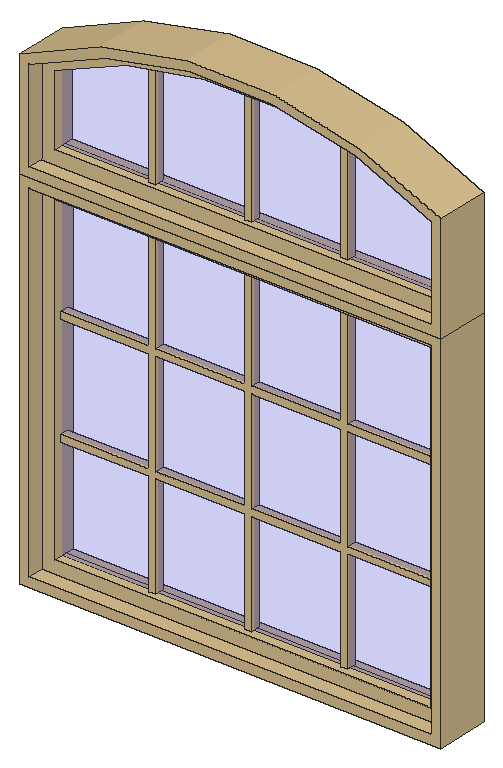
Revit family
Parameters
  Rough Width = Width + (1' 0" / 16)  # 3' - 11 3/4"
  Rough Height = Height + (1' 0" / 16)  # 4' - 11 7/8"
  Height = 4' - 11 1/8"
  Default Sill Height = 3' - 0"
  Wall Closure = (empty or 0)
  Width = 3' - 11"
Reference planes (in)
  plane 1 "Center (Front/Back)": y = 0
  plane 2: z = 0
  plane 3 "Center (Left/Right)": x = 0
  plane 4 "Left": x = -23.5
  plane 5 "Right": x = 23.5
  plane 6 "Sill": z = 36
  plane 7 "Top": z = 95.125
Forms (in)
  Extrusion 1, solid, material "Sill"
    sketch origin (0, 0, 0) x (1, 0, 0) y (0, 0, 1)
      loop
        line (23.5, 77) -> (23.5, 88.97892)
        arc (23.5, 88.97892) -> (0, 95.125) -> (-23.5, 88.97892) r 48
        line (-23.5, 88.97892) -> (-23.5, 77) -> (23.5, 77)
      loop
        arc (22.5, 88.3894) -> (0, 94.125) -> (-22.5, 88.3894) r 47
        line (-22.5, 88.3894) -> (-22.5, 78) -> (22.5, 78) -> (22.5, 88.3894)
    from -3 to 3
  Extrusion 2, solid, material "Sill"
    sketch origin (0, 0, 0) x (1, 0, 0) y (0, 0, 1)
      loop
        line (-23.5, 77) -> (-23.5, 36) -> (23.5, 36) -> (23.5, 77) -> (-23.5, 77)
      loop
        line (-22.488, 75.988) -> (-22.488, 37.012) -> (22.488, 37.012) -> (22.488, 75.988) -> (-22.488, 75.988)
    from -3 to 3
  Extrusion 3, solid, material "Frame"
    sketch origin (0, 0, 0) x (1, 0, 0) y (0, 0, 1)
      loop
        line (-22.5, 88.3894) -> (-22.5, 78) -> (22.5, 78) -> (22.5, 88.3894)
        arc (22.5, 88.3894) -> (0, 94.125) -> (-22.5, 88.3894) r 47
      loop
        arc (21.0625, 87.52689) -> (0, 92.6875) -> (-21.0625, 87.52689) r 45.5625
        line (-21.0625, 87.52689) -> (-21.0625, 79.4375) -> (21.0625, 79.4375) -> (21.0625, 87.52689)
    from -1.25 to 1.25
  Extrusion 4, solid, material "Frame"
    sketch origin (0, 0, 0) x (1, 0, 0) y (0, 0, 1)
      loop
        line (-22.488, 75.988) -> (-22.488, 37.012) -> (22.488, 37.012) -> (22.488, 75.988) -> (-22.488, 75.988)
      loop
        line (21.04, 38.46) -> (21.04, 74.54) -> (-21.04, 74.54) -> (-21.04, 38.46) -> (21.04, 38.46)
    from -1.25 to 1.25
  Extrusion 5, solid, material "Grill"
    sketch origin (0, 0, 0) x (1, 0, 0) y (0, 0, 1)
      loop
        line (11.09225, 74.54) -> (10.32925, 74.54) -> (10.32925, 63.022) -> (0.3815, 63.022) -> (0.3815, 74.54) -> (-0.3815, 74.54) -> (-0.3815, 63.022) -> (-10.32925, 63.022) -> (-10.32925, 74.54) -> (-11.09225, 74.54) -> (-11.09225, 63.022) -> (-21.04, 63.022) -> (-21.04, 62.259) -> (-11.09225, 62.259) -> (-11.09225, 50.741) -> (-21.04, 50.741) -> (-21.04, 49.978) -> (-11.09225, 49.978) -> (-11.09225, 38.46) -> (-10.32925, 38.46) -> (-10.32925, 49.978) -> (-0.3815, 49.978) -> (-0.3815, 38.46) -> (0.3815, 38.46) -> (0.3815, 49.978) -> (10.32925, 49.978) -> (10.32925, 38.46) -> (11.09225, 38.46) -> (11.09225, 49.978) -> (21.04, 49.978) -> (21.04, 50.741) -> (11.09225, 50.741) -> (11.09225, 62.259) -> (21.04, 62.259) -> (21.04, 63.022) -> (11.09225, 63.022) -> (11.09225, 74.54)
      loop
        line (-0.3815, 62.259) -> (-10.32925, 62.259) -> (-10.32925, 50.741) -> (-0.3815, 50.741) -> (-0.3815, 62.259)
      loop
        line (10.32925, 50.741) -> (10.32925, 62.259) -> (0.3815, 62.259) -> (0.3815, 50.741) -> (10.32925, 50.741)
    from -0.5 to 0.5
  Extrusion 6, solid, material "Grill"
    sketch origin (0, 0, 0) x (1, 0, 0) y (0, 0, 1)
      loop
        line (11.09225, 79.4375) -> (11.09225, 91.31667)
        arc (11.09225, 91.31667) -> (10.71115, 91.41059) -> (10.32925, 91.50121) r 45.5625
        line (10.32925, 91.50121) -> (10.32925, 79.4375) -> (11.09225, 79.4375)
      loop
        line (0.3815, 79.4375) -> (0.3815, 92.68591)
        arc (0.3815, 92.68591) -> (0, 92.6875) -> (-0.3815, 92.68591) r 45.5625
        line (-0.3815, 92.68591) -> (-0.3815, 79.4375) -> (0.3815, 79.4375)
      loop
        line (-11.09225, 79.4375) -> (-10.32925, 79.4375) -> (-10.32925, 91.50121)
        arc (-10.32925, 91.50121) -> (-10.71115, 91.41059) -> (-11.09225, 91.31667) r 45.5625
        line (-11.09225, 91.31667) -> (-11.09225, 79.4375)
    from -0.5 to 0.5
  Extrusion 7, solid, material "Glass"
    sketch origin (0, 0, 0) x (1, 0, 0) y (0, 0, 1)
      loop
        line (-21.0625, 87.52689) -> (-21.0625, 79.4375) -> (21.0625, 79.4375) -> (21.0625, 87.52689)
        arc (21.0625, 87.52689) -> (0, 92.6875) -> (-21.0625, 87.52689) r 45.5625
      loop
        line (-21.04, 74.54) -> (-21.04, 38.46) -> (21.04, 38.46) -> (21.04, 74.54) -> (-21.04, 74.54)
    from -0.25 to 0.25
Lines and regions (in)
  Opening 1
    outline origin (-60, -3, 0) x (1, 0, 0) y (0, 0, 1)
      loop
        line (36.5, 88.97892) -> (36.5, 36) -> (83.5, 36) -> (83.5, 88.97892)
        arc (83.5, 88.97892) -> (60, 95.125) -> (36.5, 88.97892) r 48
Text (in)
  text "EXTERIOR" at (-58.6888, 50.90694, 0), in view "Ref. Level"
  text "INTERIOR" at (-58.6888, -37.76638, 0), in view "Ref. Level"
  text "Exterior" at (0, 43.65631, 123.19604), in view "Left"
  text "Exterior" at (0, 18.29385, 125.04747), in view "Right"
